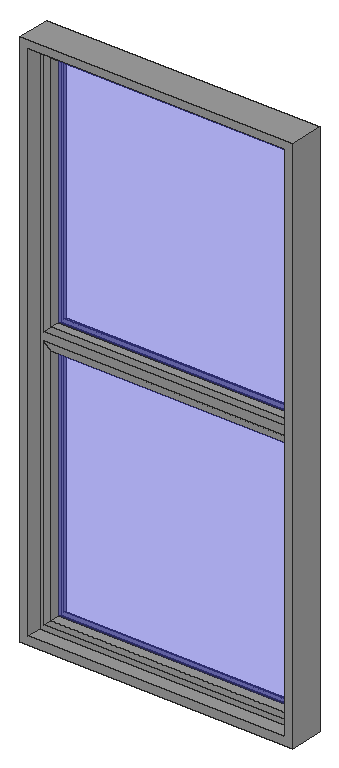
Revit family "16PL FX004_v02", category Windows, host Wall, Revit 2015
Parameters
  Wall Thickness [instance] = 0' - 6"
  URL = "obe.com"
  Transom Height = 3' - 0"
  Rough Width = Width + 0' 0 1/2"  # 3' - 0 1/2"
  Rough Height = Height + 0' 0 1/2"  # 6' - 0 1/2"
  Offset Limitation [instance] = if((Offset + 0' 4 1/2") > Wall Thickness, (Wall Thickness - 0' 4 1/2"), Offset)  # 0' - 1 1/2"
  Offset [instance] = 1' - 0"
  Model = "16PL FX004"
  Manufacturer = "Oldcastle BuildingEnvelope®"
  Keynote = "08 51 00"
  Height = Fixed Height + Transom Height  # 6' - 0"
  Glass Material = Glass
  Frame Material = Aluminum
  Fixed Height = 3' - 0"
  Description = "SIGNATURE SERIES 16PL"
  Default Sill Height = 3' - 0"
  Wall Closure = By host
  Width = 3' - 0"
  Construction Type = ""
  Assembly Code = "B2020"
Reference planes (in)
  plane 1 "Center (Front/Back)": y = 0
  plane 2: z = 0
  plane 3 "Center (Left/Right)": x = 0
  plane 4 "Left": x = -18.25
  plane 5 "Right": x = 18.25
  plane 6 "Sill": z = 36
  plane 7 "Top": z = 108.5
  plane 8 "Offset": y = 1.5
  plane 9: x = 18
  plane 10: z = 108.25
  plane 11: x = -18
  plane 12: z = 36.25
  plane 13 "Center": z = 72.25
  plane 14: z = 106.5
  plane 15: z = 73.18725
  plane 16: z = 71.31225
  plane 17: z = 38
Forms (in)
  Sweep 1, solid, material "Aluminum" <- "Frame Material"
    path origin (0, 1.5, 0) x (1, 0, 0) y (0, 0, 1)
      loop
        line (-18, 36) -> (-18, 72.25)
    profile origin (-18, 1.5, 54.125) x (-1, 0, 0) y (0, -1, 0)
      loop
        line (0.25, 0) -> (0.25, 4.5) -> (-0.75, 4.5) -> (-0.75, 2.5) -> (-1.3755, 2.5) -> (-2.25, 2.484) -> (-2.25, 1.21875) -> (-1.75, 1.21875) -> (-1.75, 0.21875) -> (-2.25, 0.21875) -> (-2.25, 0) -> (0.25, 0)
  Sweep 2, solid, material "Aluminum" <- "Frame Material"
    path origin (0, 1.5, 0) x (1, 0, 0) y (0, 0, 1)
      loop
        line (18, 72.25) -> (18, 36)
    profile origin (18, 1.5, 54.125) x (0, -1, 0) y (1, 0, 0)
      loop
        line (0, 0.25) -> (0, -2.25) -> (0.21875, -2.25) -> (0.21875, -1.75) -> (1.21875, -1.75) -> (1.21875, -2.25) -> (2.484, -2.25) -> (2.5, -1.3755) -> (2.5, -0.75) -> (4.5, -0.75) -> (4.5, 0.25) -> (0, 0.25)
  Sweep 3, solid, material "Aluminum" <- "Frame Material"
    path origin (0, 1.5, 0) x (1, 0, 0) y (0, 0, 1)
      loop
        line (18.25, 72.25) -> (-18.25, 72.25)
    profile origin (0, 1.5, 72.25) x (0, 0, -1) y (0, -1, 0)
      loop
        line (0, 0) -> (1.43775, 0) -> (1.43775, 0.21875) -> (0.93775, 0.21875) -> (0.93775, 1.21875) -> (1.43775, 1.21875) -> (1.43775, 2.484) -> (0.56325, 2.5) -> (0.0005, 2.5) -> (-0.56325, 2.5) -> (-1.43775, 2.484) -> (-1.43775, 1.21875) -> (-0.93775, 1.21875) -> (-0.93775, 0.21875) -> (-1.43775, 0.21875) -> (-1.43775, 0) -> (0, 0)
  Sweep 4, solid, material "Aluminum" <- "Frame Material"
    path origin (0, 1.5, 0) x (1, 0, 0) y (0, 0, 1)
      loop
        line (18.25, 36.25) -> (-18.25, 36.25)
    profile origin (0, 1.5, 36.25) x (0, 0, -1) y (0, -1, 0)
      loop
        line (0.25, 0) -> (0.25, 4.5) -> (-0.75, 4.5) -> (-0.75, 2.5) -> (-1.3755, 2.5) -> (-2.25, 2.484) -> (-2.25, 1.21875) -> (-1.75, 1.21875) -> (-1.75, 0.21875) -> (-2.25, 0.21875) -> (-2.25, 0) -> (0.25, 0)
  Sweep 5, solid, material "Aluminum" <- "Frame Material"
    path origin (0, 1.5, 0) x (1, 0, 0) y (0, 0, 1)
      loop
        line (18, 72.25) -> (18, 108.5)
    profile origin (18, 1.5, 90.375) x (-1, 0, 0) y (0, -1, 0)
      loop
        line (-0.25, 0) -> (2.25, 0) -> (2.25, 0.21875) -> (1.75, 0.21875) -> (1.75, 1.21875) -> (2.25, 1.21875) -> (2.25, 2.484) -> (1.3755, 2.5) -> (0.75, 2.5) -> (0.75, 4.5) -> (-0.25, 4.5) -> (-0.25, 0)
  Sweep 6, solid, material "Aluminum" <- "Frame Material"
    path origin (0, 1.5, 0) x (-1, 0, 0) y (0, 0, 1)
      loop
        line (18, 72.25) -> (18, 108.5)
    profile origin (-18, 1.5, 90.375) x (-1, 0, 0) y (0, -1, 0)
      loop
        line (0.25, 0) -> (0.25, 4.5) -> (-0.75, 4.5) -> (-0.75, 2.5) -> (-1.3755, 2.5) -> (-2.25, 2.484) -> (-2.25, 1.21875) -> (-1.75, 1.21875) -> (-1.75, 0.21875) -> (-2.25, 0.21875) -> (-2.25, 0) -> (0.25, 0)
  Sweep 7, solid, material "Aluminum" <- "Frame Material"
    path origin (0, 1.5, 0) x (1, 0, 0) y (0, 0, 1)
      loop
        line (18.25, 108.25) -> (-18.25, 108.25)
    profile origin (0, 1.5, 108.25) x (0, 0, -1) y (0, -1, 0)
      loop
        line (-0.25, 0) -> (2.25, 0) -> (2.25, 0.21875) -> (1.75, 0.21875) -> (1.75, 1.21875) -> (2.25, 1.21875) -> (2.25, 2.484) -> (1.3755, 2.5) -> (0.75, 2.5) -> (0.75, 4.5) -> (-0.25, 4.5) -> (-0.25, 0)
  Extrusion 8, solid, material "Glass" <- "Glass Material", detail levels coarse
    sketch origin (0, 0, 36) x (0, -1, 0) y (1, 0, 0)
      loop
        line (-1.28125, -16.25) -> (-0.28125, -16.25) -> (-0.28125, 16.25) -> (-1.28125, 16.25) -> (-1.28125, -16.25)
    from 2 to 35.31225
  Extrusion 9, solid, material "Glass" <- "Glass Material", detail levels coarse
    sketch origin (0, 0, 71.15402) x (0, -1, 0) y (1, 0, 0)
      loop
        line (-1.28125, -16.25) -> (-0.28125, -16.25) -> (-0.28125, 16.25) -> (-1.28125, 16.25) -> (-1.28125, -16.25)
    from 2.03323 to 35.34598
  Extrusion 10, solid, material "Glass" <- "Glass Material", detail levels medium+fine
    sketch origin (0, 0, 36) x (0, -1, 0) y (1, 0, 0)
      loop
        line (-1.28125, -16.25) -> (-1.03125, -16.25) -> (-1.03125, 16.25) -> (-1.28125, 16.25) -> (-1.28125, -16.25)
      loop
        line (-0.51855, 16.25) -> (-0.51855, -16.25) -> (-0.28125, -16.25) -> (-0.28125, 16.25) -> (-0.51855, 16.25)
    from 2 to 35.31225
  Extrusion 11, solid, material "Glass" <- "Glass Material", detail levels medium+fine
    sketch origin (0, 0, 36) x (0, -1, 0) y (1, 0, 0)
      loop
        line (-1.28125, -16.25) -> (-1.03125, -16.25) -> (-1.03125, 16.25) -> (-1.28125, 16.25) -> (-1.28125, -16.25)
      loop
        line (-0.51855, 16.25) -> (-0.51855, -16.25) -> (-0.28125, -16.25) -> (-0.28125, 16.25) -> (-0.51855, 16.25)
    from 37.18725 to 70.5
Cuts and joins
  joined: Sweep 1, Sweep 2, Sweep 3, Sweep 4, Sweep 5, Sweep 6, Sweep 7
Lines and regions (in)
  Opening 1
    outline origin (-60, -3, 0) x (1, 0, 0) y (0, 0, 1)
      loop
        line (41.75, 108.5) -> (41.75, 36) -> (78.25, 36) -> (78.25, 108.5) -> (41.75, 108.5)
Text (in)
  text "EXTERIOR" at (-58.6888, 57.09476, 0), in view "Ref. Level"
  text "INTERIOR" at (-58.6888, -45.19176, 0), in view "Ref. Level"
  text "Exterior" at (0, 43.65631, 123.19604), in view "Left"
  text "Exterior" at (0, 18.29385, 125.04747), in view "Right"
  text "Min Size\n\n14\" width x 14\" height\n\n\n\nMax Size\n\n99\" x 99\"\n\n\n\nMax Area\n\n40 square feet" at (92.63041, 57.09476, 0), in view "Ref. Level"
Dimensions and locks (in)
  equal spacing: plane 4 "Left", plane 3 "Center (Left/Right)", plane 5 "Right"
  "Rough Width": plane 4 "Left" to plane 5 "Right"
  "Default Sill Height": plane 2 to plane 6 "Sill"
  "Offset Limitation": plane 8 "Offset" to host wall
  "Wall Thickness": host wall to host wall
  locked: plane 9 to plane 5 "Right" at 0.25
  locked: plane 6 "Sill" to plane 12 at 0.25
  "Fixed Height": plane 12 to plane 13 "Center"
  "Transom Height": plane 13 "Center" to plane 10
  "Rough Height": plane 6 "Sill" to plane 7 "Top"
  "Width": plane 11 to plane 9
  Extrusion 8 sketch curve to Extrusion 8 sketch curve to plane 8 "Offset" = 0' - 1" locked, 0' - 0 7/32" locked
  locked: Extrusion 9 sketch curve to Extrusion 9 sketch curve at 1
  locked: plane 14 to plane 10 at 1.75
  locked: plane 12 to plane 17 at 1.75
  locked: plane 15 to plane 13 "Center" at 0.93725
  locked: plane 16 to plane 13 "Center" at 0.93775
  plane 12 to plane 10 = 6' - 0"
  Extrusion 10 sketch curve to Extrusion 10 sketch curve to Extrusion 10 sketch curve to Extrusion 10 sketch curve to plane 8 "Offset" = 0' - 0.2373" locked, 0' - 0.5127" locked, 0' - 0 1/4" locked, 0' - 0 7/32" locked
  Extrusion 11 sketch curve to Extrusion 11 sketch curve to Extrusion 11 sketch curve to Extrusion 11 sketch curve to plane 8 "Offset" = 0' - 0.2373" locked, 0' - 0.5127" locked, 0' - 0 1/4" locked, 0' - 0 7/32" locked
  aligned and locked: plane 7 "Top" to Opening 1 sketch curve
  aligned and locked: plane 6 "Sill" to Opening 1 sketch curve  (x2)
  aligned and locked: plane 5 "Right" to Opening 1 sketch curve
  aligned and locked: plane 4 "Left" to Opening 1 sketch curve
  aligned and locked: level to plane 2
  aligned and locked: plane 13 "Center" to Sweep 3 sketch curve
  aligned and locked: Sweep 2 sketch curve to plane 9
  aligned and locked: plane 9 to Sweep 5 sketch curve
  aligned and locked: plane 10 to Sweep 7 sketch curve
  aligned and locked: Extrusion 8 to plane 17
  aligned and locked: plane 16 to Extrusion 8
  aligned and locked: Extrusion 9 to plane 15
  aligned and locked: plane 14 to Extrusion 9
  aligned and locked: Extrusion 10 to plane 17
  aligned and locked: plane 16 to Extrusion 10
  aligned and locked: Extrusion 11 to plane 15
  aligned and locked: plane 14 to Extrusion 11
  aligned and locked: plane 11 to Sweep 6 sketch curve
Automatic sketch dimensions
  plane 11 to Sweep 1 sketch curve = 0' - 0"
  Sweep 1 sketch curve to plane 6 "Sill" = 0' - 0"
  Sweep 1 sketch curve to plane 13 "Center" = 0' - 0"
  plane 8 "Offset" to Sweep 1 sketch curve = 0' - 0"
  profile plane to Sweep 1 sketch curve = 0' - 2 1/4"
  Sweep 1 sketch curve to Sweep 1 sketch curve = 0' - 0"
  Sweep 1 sketch curve to Sweep 1 sketch curve = 0' - 0 1/2"
  Sweep 1 sketch curve to Sweep 1 sketch curve = 0' - 0.8745"
  Sweep 1 sketch curve to Sweep 1 sketch curve = 0' - 0.6255"
  Sweep 1 sketch curve to profile plane = 0' - 0 1/4"
  plane 8 "Offset" to Sweep 1 sketch curve = 0' - 0 7/32"
  Sweep 1 sketch curve to Sweep 1 sketch curve = 0' - 1"
  Sweep 1 sketch curve to Sweep 1 sketch curve = 0' - 1.26525"
  Sweep 1 sketch curve to Sweep 1 sketch curve = 0' - 0.016"
  Sweep 1 sketch curve to Sweep 1 sketch curve = 0' - 2"
  Sweep 2 sketch curve to plane 6 "Sill" = 0' - 0"
  Sweep 2 sketch curve to plane 13 "Center" = 0' - 0"
  plane 8 "Offset" to Sweep 2 sketch curve = 0' - 0"
  plane 8 "Offset" to Sweep 2 sketch curve = 0' - 0 7/32"
  Sweep 2 sketch curve to Sweep 2 sketch curve = 0' - 1"
  Sweep 2 sketch curve to Sweep 2 sketch curve = 0' - 1.26525"
  profile plane to Sweep 2 sketch curve = 0' - 0 3/4"
  Sweep 2 sketch curve to Sweep 2 sketch curve = 0' - 0.016"
  Sweep 2 sketch curve to profile plane = 0' - 0 1/4"
  Sweep 2 sketch curve to Sweep 2 sketch curve = 0' - 2"
  Sweep 2 sketch curve to Sweep 2 sketch curve = 0' - 0.6255"
  Sweep 2 sketch curve to Sweep 2 sketch curve = 0' - 0.3745"
  Sweep 2 sketch curve to Sweep 2 sketch curve = 0' - 0 1/2"  (x2)
  plane 4 "Left" to Sweep 3 sketch curve = 0' - 0"
  plane 5 "Right" to Sweep 3 sketch curve = 0' - 0"
  plane 4 "Left" to Sweep 4 sketch curve = 0' - 0"
  plane 5 "Right" to Sweep 4 sketch curve = 0' - 0"
  Sweep 4 sketch curve to plane 12 = 0' - 0"
  Sweep 4 sketch curve to plane 8 "Offset" = 0' - 0"
  profile plane to Sweep 4 sketch curve = 0' - 2 1/4"
  Sweep 4 sketch curve to Sweep 4 sketch curve = 0' - 0"
  Sweep 4 sketch curve to Sweep 4 sketch curve = 0' - 0 1/2"
  Sweep 4 sketch curve to Sweep 4 sketch curve = 0' - 0.8745"
  Sweep 4 sketch curve to Sweep 4 sketch curve = 0' - 0.6255"
  Sweep 4 sketch curve to profile plane = 0' - 0 1/4"
  plane 8 "Offset" to Sweep 4 sketch curve = 0' - 0 7/32"
  Sweep 4 sketch curve to Sweep 4 sketch curve = 0' - 1"
  Sweep 4 sketch curve to Sweep 4 sketch curve = 0' - 1.26525"
  Sweep 4 sketch curve to Sweep 4 sketch curve = 0' - 0.016"
  Sweep 4 sketch curve to Sweep 4 sketch curve = 0' - 2"
  Sweep 5 sketch curve to plane 13 "Center" = 0' - 0"
  Sweep 5 sketch curve to plane 7 "Top" = 0' - 0"
  plane 8 "Offset" to Sweep 5 sketch curve = 0' - 0"
  profile plane to Sweep 5 sketch curve = 0' - 0 1/4"
  Sweep 5 sketch curve to profile plane = 0' - 0 3/4"
  Sweep 5 sketch curve to Sweep 5 sketch curve = 0' - 0.6255"
  plane 8 "Offset" to Sweep 5 sketch curve = 0' - 0 7/32"
  Sweep 5 sketch curve to profile plane = 0' - 1 3/4"
  Sweep 5 sketch curve to Sweep 5 sketch curve = 0' - 0 1/2"  (x2)
  Sweep 5 sketch curve to Sweep 5 sketch curve = 0' - 1"
  Sweep 5 sketch curve to Sweep 5 sketch curve = 0' - 1.26525"
  Sweep 5 sketch curve to Sweep 5 sketch curve = 0' - 0.016"
  Sweep 5 sketch curve to Sweep 5 sketch curve = 0' - 2"
  Sweep 6 sketch curve to plane 13 "Center" = 0' - 0"
  Sweep 6 sketch curve to plane 7 "Top" = 0' - 0"
  plane 8 "Offset" to Sweep 6 sketch curve = 0' - 0"
  profile plane to Sweep 6 sketch curve = 0' - 2 1/4"
  Sweep 6 sketch curve to Sweep 6 sketch curve = 0' - 0"
  Sweep 6 sketch curve to Sweep 6 sketch curve = 0' - 0 1/2"
  Sweep 6 sketch curve to Sweep 6 sketch curve = 0' - 0.8745"
  Sweep 6 sketch curve to Sweep 6 sketch curve = 0' - 0.6255"
  Sweep 6 sketch curve to profile plane = 0' - 0 1/4"
  plane 8 "Offset" to Sweep 6 sketch curve = 0' - 0 7/32"
  Sweep 6 sketch curve to Sweep 6 sketch curve = 0' - 1"
  Sweep 6 sketch curve to Sweep 6 sketch curve = 0' - 1.26525"
  Sweep 6 sketch curve to Sweep 6 sketch curve = 0' - 0.016"
  Sweep 6 sketch curve to Sweep 6 sketch curve = 0' - 2"
  plane 4 "Left" to Sweep 7 sketch curve = 0' - 0"
  plane 5 "Right" to Sweep 7 sketch curve = 0' - 0"
  Sweep 7 sketch curve to plane 8 "Offset" = 0' - 0"
  profile plane to Sweep 7 sketch curve = 0' - 0 1/4"
  Sweep 7 sketch curve to profile plane = 0' - 0 3/4"
  Sweep 7 sketch curve to Sweep 7 sketch curve = 0' - 0.6255"
  plane 8 "Offset" to Sweep 7 sketch curve = 0' - 0 7/32"
  Sweep 7 sketch curve to profile plane = 0' - 1 3/4"
  Sweep 7 sketch curve to Sweep 7 sketch curve = 0' - 0 1/2"  (x2)
  Sweep 7 sketch curve to Sweep 7 sketch curve = 0' - 1"
  Sweep 7 sketch curve to Sweep 7 sketch curve = 0' - 1.26525"
  Sweep 7 sketch curve to Sweep 7 sketch curve = 0' - 0.016"
  Sweep 7 sketch curve to Sweep 7 sketch curve = 0' - 2"
  Extrusion 8 sketch curve to plane 11 = 0' - 1 3/4"
  plane 9 to Extrusion 8 sketch curve = 0' - 1 3/4"
  plane 8 "Offset" to Extrusion 9 sketch curve = 0' - 0 7/32"
  Extrusion 9 sketch curve to plane 11 = 0' - 1 3/4"
  plane 9 to Extrusion 9 sketch curve = 0' - 1 3/4"
  Sweep 3 sketch curve to plane 8 "Offset" = 0' - 0"
  Sweep 3 sketch curve to profile plane = 0' - 0"
  profile plane to Sweep 3 sketch curve = 0' - 0.56325"
  profile plane to Sweep 3 sketch curve = 0' - 0.93775"
  plane 8 "Offset" to Sweep 3 sketch curve = 0' - 0 7/32"  (x2)
  Sweep 3 sketch curve to Sweep 3 sketch curve = 0' - 0 1/2"  (x4)
  Sweep 3 sketch curve to profile plane = 0' - 0.0005"
  Sweep 3 sketch curve to Sweep 3 sketch curve = 0' - 0.56275"
  Sweep 3 sketch curve to profile plane = 0' - 0.93775"
  Sweep 3 sketch curve to Sweep 3 sketch curve = 0' - 1"  (x2)
  Sweep 3 sketch curve to Sweep 3 sketch curve = 0' - 1.26525"  (x2)
  Sweep 3 sketch curve to Sweep 3 sketch curve = 0' - 0.016"
  Extrusion 10 sketch curve to plane 11 = 0' - 1 3/4"
  Extrusion 10 sketch curve to Extrusion 10 sketch curve = 0' - 0"  (x2)
  plane 9 to Extrusion 10 sketch curve = 0' - 1 3/4"
  Extrusion 11 sketch curve to plane 11 = 0' - 1 3/4"
  Extrusion 11 sketch curve to Extrusion 11 sketch curve = 0' - 0"  (x2)
  plane 9 to Extrusion 11 sketch curve = 0' - 1 3/4"
